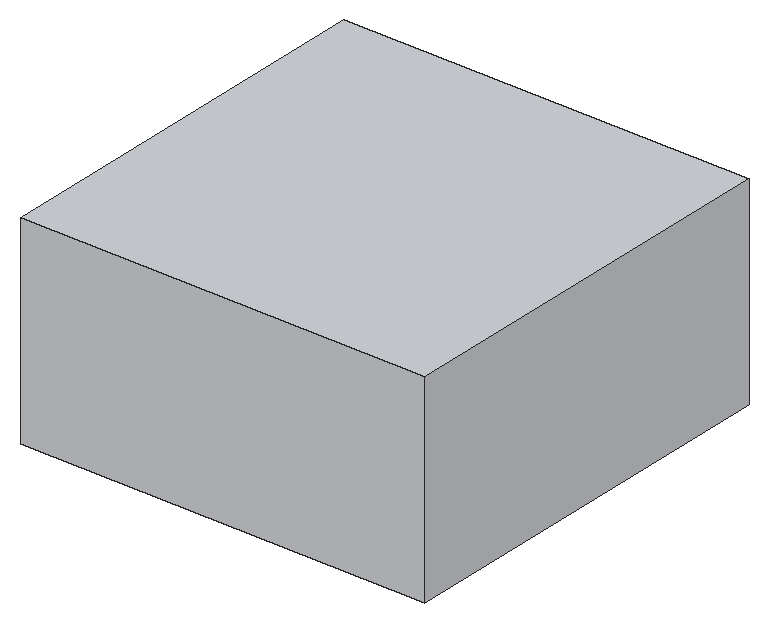
Revit family "StructuralFoundations_FreeForm", category Structural Foundations, Revit 2022
Family settings
  Material for Model Behavior = Concrete
  Cap = No
  Work Plane-Based = Yes
  Always vertical = Yes
  Cut with Voids When Loaded = No
  Shared = No
Parameters (values of type "1000x1000x500 DP")
  Width = 0 mm
  Structural Material [instance] = none
  Reinforcement Specs [instance] = ""
  Pad Type = "P1"
  Mesh [instance] = ""
  Length = 0 mm
  Foundation Thickness = 500 mm
  Default Elevation = 1219.2 mm
Reference planes
  plane 1 "Center (Front/Back)": y = 0
  plane 2: z = 0
  plane 3 "Center (Left/Right)": x = 0
  plane 4: z = -500
Forms (mm)
  Extrusion 1, solid, material <- "Structural Material"
    sketch origin (0, 0, 0) x (1, 0, 0) y (0, 1, 0)
      loop
        line (500, 500) -> (-500, 500) -> (-500, -500) -> (500, -500) -> (500, 500)
    from -500 to 0
Dimensions and locks
  "Foundation Thickness": plane 2 to plane 4
  aligned and locked: Extrusion 1 to plane 4
  aligned and locked: plane 2 to Extrusion 1
Automatic sketch dimensions
  plane 3 "Center (Left/Right)" to Extrusion 1 sketch curve = 500 mm
  Extrusion 1 sketch curve to plane 1 "Center (Front/Back)" = 500 mm
  plane 1 "Center (Front/Back)" to Extrusion 1 sketch curve = 500 mm
  Extrusion 1 sketch curve to plane 3 "Center (Left/Right)" = 500 mm
